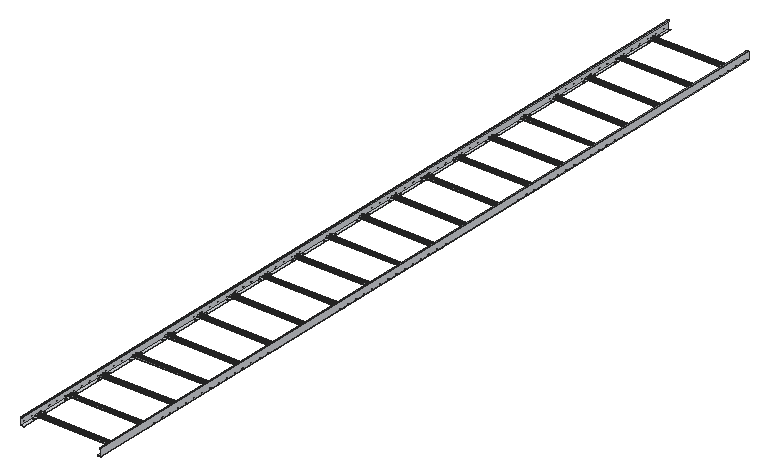
Revit family "Kabelleiter,Sprosse gelocht, geschweißt-LCIS 660 6 FS,FT,A2,A4", category Generic Models, Revit 2017 (continued)
Forms (mm)
  Extrusion 190, void
    sketch origin (0, 3300, 0) x (1, 0, 0) y (0, 1, 0)
      loop
        arc (-94.5, 157.475) -> (-94.646, 157.828) -> (-95, 157.975) r 0.5
        line (-95, 157.975) -> (-105, 157.975)
      loop
        arc (-83, 157.975) -> (-83.354, 157.828) -> (-83.5, 157.475) r 0.5
        line (-83.5, 157.475) -> (-83.5, 142.515)
        arc (-83.5, 142.515) -> (-83.354, 142.162) -> (-83, 142.015) r 0.5
        line (-83, 142.015) -> (-77, 142.015)
        arc (-77, 142.015) -> (-76.646, 142.162) -> (-76.5, 142.515) r 0.5
        line (-76.5, 142.515) -> (-76.5, 157.475)
        arc (-76.5, 157.475) -> (-76.646, 157.828) -> (-77, 157.975) r 0.5
        line (-77, 157.975) -> (-83, 157.975)
      loop
        arc (-65, 157.975) -> (-65.354, 157.828) -> (-65.5, 157.475) r 0.5
        line (-65.5, 157.475) -> (-65.5, 142.515)
        arc (-65.5, 142.515) -> (-65.354, 142.162) -> (-65, 142.015) r 0.5
        line (-65, 142.015) -> (-55, 142.015)
        arc (-55, 142.015) -> (-54.646, 142.162) -> (-54.5, 142.515) r 0.5
        line (-54.5, 142.515) -> (-54.5, 157.475)
        arc (-54.5, 157.475) -> (-54.646, 157.828) -> (-55, 157.975) r 0.5
        line (-55, 157.975) -> (-65, 157.975)
      loop
        arc (-45, 157.975) -> (-45.354, 157.828) -> (-45.5, 157.475) r 0.5
        line (-45.5, 157.475) -> (-45.5, 142.515)
        arc (-45.5, 142.515) -> (-45.354, 142.162) -> (-45, 142.015) r 0.5
        line (-45, 142.015) -> (-35, 142.015)
        arc (-35, 142.015) -> (-34.646, 142.162) -> (-34.5, 142.515) r 0.5
        line (-34.5, 142.515) -> (-34.5, 157.475)
        arc (-34.5, 157.475) -> (-34.646, 157.828) -> (-35, 157.975) r 0.5
        line (-35, 157.975) -> (-45, 157.975)
      loop
        arc (-23, 157.975) -> (-23.354, 157.828) -> (-23.5, 157.475) r 0.5
        line (-23.5, 157.475) -> (-23.5, 142.515)
        arc (-23.5, 142.515) -> (-23.354, 142.162) -> (-23, 142.015) r 0.5
        line (-23, 142.015) -> (-17, 142.015)
        arc (-17, 142.015) -> (-16.646, 142.162) -> (-16.5, 142.515) r 0.5
        line (-16.5, 142.515) -> (-16.5, 157.475)
        arc (-16.5, 157.475) -> (-16.646, 157.828) -> (-17, 157.975) r 0.5
        line (-17, 157.975) -> (-23, 157.975)
      loop
        arc (-5, 157.975) -> (-5.354, 157.828) -> (-5.5, 157.475) r 0.5
        line (-5.5, 157.475) -> (-5.5, 142.515)
        arc (-5.5, 142.515) -> (-5.354, 142.162) -> (-5, 142.015) r 0.5
        line (-5, 142.015) -> (5, 142.015)
        arc (5, 142.015) -> (5.354, 142.162) -> (5.5, 142.515) r 0.5
        line (5.5, 142.515) -> (5.5, 157.475)
        arc (5.5, 157.475) -> (5.354, 157.828) -> (5, 157.975) r 0.5
        line (5, 157.975) -> (-5, 157.975)
      loop
        arc (17.02, 157.975) -> (16.666, 157.828) -> (16.52, 157.475) r 0.5
        line (16.52, 157.475) -> (16.52, 142.515)
        arc (16.52, 142.515) -> (16.666, 142.162) -> (17.02, 142.015) r 0.5
        line (17.02, 142.015) -> (23.02, 142.015)
        arc (23.02, 142.015) -> (23.373, 142.162) -> (23.52, 142.515) r 0.5
        line (23.52, 142.515) -> (23.52, 157.475)
        arc (23.52, 157.475) -> (23.373, 157.828) -> (23.02, 157.975) r 0.5
        line (23.02, 157.975) -> (17.02, 157.975)
      loop
        arc (35, 157.975) -> (34.646, 157.828) -> (34.5, 157.475) r 0.5
        line (34.5, 157.475) -> (34.5, 142.515)
        arc (34.5, 142.515) -> (34.646, 142.162) -> (35, 142.015) r 0.5
        line (35, 142.015) -> (45, 142.015)
        arc (45, 142.015) -> (45.354, 142.162) -> (45.5, 142.515) r 0.5
        line (45.5, 142.515) -> (45.5, 157.475)
        arc (45.5, 157.475) -> (45.354, 157.828) -> (45, 157.975) r 0.5
        line (45, 157.975) -> (35, 157.975)
      loop
        arc (55, 157.975) -> (54.646, 157.828) -> (54.5, 157.475) r 0.5
        line (54.5, 157.475) -> (54.5, 142.515)
        arc (54.5, 142.515) -> (54.646, 142.162) -> (55, 142.015) r 0.5
        line (55, 142.015) -> (65, 142.015)
        arc (65, 142.015) -> (65.354, 142.162) -> (65.5, 142.515) r 0.5
        line (65.5, 142.515) -> (65.5, 157.475)
        arc (65.5, 157.475) -> (65.354, 157.828) -> (65, 157.975) r 0.5
        line (65, 157.975) -> (55, 157.975)
      loop
        arc (77, 157.975) -> (76.646, 157.828) -> (76.5, 157.475) r 0.5
        line (76.5, 157.475) -> (76.5, 142.515)
        arc (76.5, 142.515) -> (76.646, 142.162) -> (77, 142.015) r 0.5
        line (77, 142.015) -> (83, 142.015)
        arc (83, 142.015) -> (83.354, 142.162) -> (83.5, 142.515) r 0.5
        line (83.5, 142.515) -> (83.5, 157.475)
        arc (83.5, 157.475) -> (83.354, 157.828) -> (83, 157.975) r 0.5
        line (83, 157.975) -> (77, 157.975)
      loop
        arc (95, 157.975) -> (94.646, 157.828) -> (94.5, 157.475) r 0.5
        line (94.5, 157.475) -> (94.5, 142.515)
        arc (94.5, 142.515) -> (94.646, 142.162) -> (95, 142.015) r 0.5
        line (95, 142.015) -> (105, 142.015)
        arc (105, 142.015) -> (105.354, 142.162) -> (105.5, 142.515) r 0.5
        line (105.5, 142.515) -> (105.5, 157.475)
        arc (105.5, 157.475) -> (105.354, 157.828) -> (105, 157.975) r 0.5
        line (105, 157.975) -> (95, 157.975)
      loop
        arc (117, 157.975) -> (116.646, 157.828) -> (116.5, 157.475) r 0.5
        line (116.5, 157.475) -> (116.5, 142.515)
        arc (116.5, 142.515) -> (116.646, 142.162) -> (117, 142.015) r 0.5
        line (117, 142.015) -> (123, 142.015)
        arc (123, 142.015) -> (123.354, 142.162) -> (123.5, 142.515) r 0.5
        line (123.5, 142.515) -> (123.5, 157.475)
        arc (123.5, 157.475) -> (123.354, 157.828) -> (123, 157.975) r 0.5
        line (123, 157.975) -> (117, 157.975)
      loop
        arc (135, 157.975) -> (134.646, 157.828) -> (134.5, 157.475) r 0.5
        line (134.5, 157.475) -> (134.5, 142.545)
        arc (134.5, 142.545) -> (134.655, 142.17) -> (135.03, 142.015) r 0.53
        line (135.03, 142.015) -> (145, 142.015)
        arc (145, 142.015) -> (145.354, 142.162) -> (145.5, 142.515) r 0.5
        line (145.5, 142.515) -> (145.5, 157.475)
        arc (145.5, 157.475) -> (145.354, 157.828) -> (145, 157.975) r 0.5
        line (145, 157.975) -> (135, 157.975)
      loop
        arc (255.5, 148.475) -> (260, 143.975) -> (264.5, 148.475) r 4.5
        line (264.5, 148.475) -> (264.5, 151.475)
        arc (264.5, 151.475) -> (260, 155.975) -> (255.5, 151.475) r 4.5
        line (255.5, 151.475) -> (255.5, 148.475)
      loop
        arc (234.5, 142.515) -> (234.646, 142.162) -> (235, 142.015) r 0.5
        line (235, 142.015) -> (245, 142.015)
        arc (245, 142.015) -> (245.354, 142.162) -> (245.5, 142.515) r 0.5
        line (245.5, 142.515) -> (245.5, 157.475)
        arc (245.5, 157.475) -> (245.354, 157.828) -> (245, 157.975) r 0.5
        line (245, 157.975) -> (235, 157.975)
        arc (235, 157.975) -> (234.646, 157.828) -> (234.5, 157.475) r 0.5
        line (234.5, 157.475) -> (234.5, 142.515)
      loop
        arc (217, 157.975) -> (216.646, 157.828) -> (216.5, 157.475) r 0.5
        line (216.5, 157.475) -> (216.5, 142.529)
        arc (216.5, 142.529) -> (216.65, 142.166) -> (217.013, 142.015) r 0.513
        line (217.013, 142.015) -> (223, 142.015)
        arc (223, 142.015) -> (223.354, 142.162) -> (223.5, 142.515) r 0.5
        line (223.5, 142.515) -> (223.5, 157.475)
        arc (223.5, 157.475) -> (223.354, 157.828) -> (223, 157.975) r 0.5
        line (223, 157.975) -> (217, 157.975)
      loop
        arc (195, 157.975) -> (194.646, 157.828) -> (194.5, 157.475) r 0.5
        line (194.5, 157.475) -> (194.5, 142.515)
        arc (194.5, 142.515) -> (194.646, 142.162) -> (195, 142.015) r 0.5
        line (195, 142.015) -> (205, 142.015)
        arc (205, 142.015) -> (205.354, 142.162) -> (205.5, 142.515) r 0.5
        line (205.5, 142.515) -> (205.5, 157.475)
        arc (205.5, 157.475) -> (205.354, 157.828) -> (205, 157.975) r 0.5
        line (205, 157.975) -> (195, 157.975)
      loop
        arc (177, 157.975) -> (176.646, 157.828) -> (176.5, 157.475) r 0.5
        line (176.5, 157.475) -> (176.5, 142.515)
        arc (176.5, 142.515) -> (176.646, 142.162) -> (177, 142.015) r 0.5
        line (177, 142.015) -> (183, 142.015)
        arc (183, 142.015) -> (183.354, 142.162) -> (183.5, 142.515) r 0.5
        line (183.5, 142.515) -> (183.5, 157.475)
        arc (183.5, 157.475) -> (183.354, 157.828) -> (183, 157.975) r 0.5
        line (183, 157.975) -> (177, 157.975)
      loop
        arc (155, 157.975) -> (154.646, 157.828) -> (154.5, 157.475) r 0.5
        line (154.5, 157.475) -> (154.5, 142.015)
        arc (154.5, 142.015) -> (154.646, 141.662) -> (155, 141.515) r 0.5
        line (155, 141.515) -> (165, 141.515)
        arc (165, 141.515) -> (165.354, 141.662) -> (165.5, 142.015) r 0.5
        line (165.5, 142.015) -> (165.5, 157.475)
        arc (165.5, 157.475) -> (165.354, 157.828) -> (165, 157.975) r 0.5
        line (165, 157.975) -> (155, 157.975)
    from 1.441 to 2.93
  Extrusion 191, solid, material "Stainless steel, A4" <- "Material"
    sketch origin (0, 3600, 0) x (0, 1, 0) y (0, 0, 1)
      loop
        line (141.515, 14) -> (135.3, 14)
        arc (135.3, 14) -> (133.32, 13.18) -> (132.5, 11.2) r 2.8
        line (132.5, 11.2) -> (132.5, 4.23)
        arc (132.5, 4.23) -> (133.32, 2.25) -> (135.3, 1.43) r 2.8
        line (135.3, 1.43) -> (157.968, 1.43) -> (164.7, 1.43)
        arc (164.7, 1.43) -> (166.68, 2.25) -> (167.5, 4.23) r 2.8
        line (167.5, 4.23) -> (167.5, 11.2)
        arc (167.5, 11.2) -> (166.68, 13.18) -> (164.7, 14) r 2.8
        line (164.7, 14) -> (158.475, 14) -> (158.475, 12.5) -> (164.5, 12.5)
        arc (164.5, 12.5) -> (165.561, 12.061) -> (166, 11) r 1.5
        line (166, 11) -> (166, 4.43)
        arc (166, 4.43) -> (165.561, 3.37) -> (164.5, 2.93) r 1.5
        line (164.5, 2.93) -> (157.968, 2.93) -> (135.5, 2.93)
        arc (135.5, 2.93) -> (134.439, 3.37) -> (134, 4.43) r 1.5
        line (134, 4.43) -> (134, 11)
        arc (134, 11) -> (134.439, 12.061) -> (135.5, 12.5) r 1.5
        line (135.5, 12.5) -> (141.515, 12.5) -> (141.515, 14)
    from -298.5 to 298.5
  Extrusion 192, void
    sketch origin (0, 3600, 0) x (1, 0, 0) y (0, 1, 0)
      loop
        arc (-264.5, 148.475) -> (-260, 143.975) -> (-255.5, 148.475) r 4.5
        line (-255.5, 148.475) -> (-255.5, 151.475)
        arc (-255.5, 151.475) -> (-260, 155.975) -> (-264.5, 151.475) r 4.5
        line (-264.5, 151.475) -> (-264.5, 148.475)
      loop
        arc (-244, 157.975) -> (-244.354, 157.828) -> (-244.5, 157.475) r 0.5
        line (-244.5, 157.475) -> (-244.5, 142.515)
        arc (-244.5, 142.515) -> (-244.354, 142.162) -> (-244, 142.015) r 0.5
        line (-244, 142.015) -> (-236, 142.015)
        arc (-236, 142.015) -> (-235.646, 142.162) -> (-235.5, 142.515) r 0.5
        line (-235.5, 142.515) -> (-235.5, 157.446)
        arc (-235.5, 157.446) -> (-235.655, 157.82) -> (-236.029, 157.975) r 0.529
        line (-236.029, 157.975) -> (-244, 157.975)
      loop
        arc (-222.967, 157.975) -> (-223.321, 157.828) -> (-223.467, 157.475) r 0.5
        line (-223.467, 157.475) -> (-223.467, 142.515)
        arc (-223.467, 142.515) -> (-223.321, 142.162) -> (-222.967, 142.015) r 0.5
        line (-222.967, 142.015) -> (-216.967, 142.015)
        arc (-216.967, 142.015) -> (-216.614, 142.162) -> (-216.467, 142.515) r 0.5
        line (-216.467, 142.515) -> (-216.467, 157.475)
        arc (-216.467, 157.475) -> (-216.614, 157.828) -> (-216.967, 157.975) r 0.5
        line (-216.967, 157.975) -> (-222.967, 157.975)
      loop
        arc (-205, 157.975) -> (-205.354, 157.828) -> (-205.5, 157.475) r 0.5
        line (-205.5, 157.475) -> (-205.5, 142.515)
        arc (-205.5, 142.515) -> (-205.354, 142.162) -> (-205, 142.015) r 0.5
        line (-205, 142.015) -> (-195, 142.015)
        arc (-195, 142.015) -> (-194.646, 142.162) -> (-194.5, 142.515) r 0.5
        line (-194.5, 142.515) -> (-194.5, 157.475)
        arc (-194.5, 157.475) -> (-194.646, 157.828) -> (-195, 157.975) r 0.5
        line (-195, 157.975) -> (-205, 157.975)
      loop
        arc (-183, 157.975) -> (-183.354, 157.828) -> (-183.5, 157.475) r 0.5
        line (-183.5, 157.475) -> (-183.5, 142.515)
        arc (-183.5, 142.515) -> (-183.354, 142.162) -> (-183, 142.015) r 0.5
        line (-183, 142.015) -> (-177, 142.015)
        arc (-177, 142.015) -> (-176.646, 142.162) -> (-176.5, 142.515) r 0.5
        line (-176.5, 142.515) -> (-176.5, 157.475)
        arc (-176.5, 157.475) -> (-176.646, 157.828) -> (-177, 157.975) r 0.5
        line (-177, 157.975) -> (-183, 157.975)
      loop
        arc (-165, 157.975) -> (-165.354, 157.828) -> (-165.5, 157.475) r 0.5
        line (-165.5, 157.475) -> (-165.5, 142.515)
        arc (-165.5, 142.515) -> (-165.354, 142.162) -> (-165, 142.015) r 0.5
        line (-165, 142.015) -> (-155, 142.015)
        arc (-155, 142.015) -> (-154.646, 142.162) -> (-154.5, 142.515) r 0.5
        line (-154.5, 142.515) -> (-154.5, 157.475)
        arc (-154.5, 157.475) -> (-154.646, 157.828) -> (-155, 157.975) r 0.5
        line (-155, 157.975) -> (-165, 157.975)
      loop
        arc (-145, 157.975) -> (-145.354, 157.828) -> (-145.5, 157.475) r 0.5
        line (-145.5, 157.475) -> (-145.5, 142.515)
        arc (-145.5, 142.515) -> (-145.354, 142.162) -> (-145, 142.015) r 0.5
        line (-145, 142.015) -> (-135, 142.015)
        arc (-135, 142.015) -> (-134.646, 142.162) -> (-134.5, 142.515) r 0.5
        line (-134.5, 142.515) -> (-134.5, 157.475)
        arc (-134.5, 157.475) -> (-134.646, 157.828) -> (-135, 157.975) r 0.5
        line (-135, 157.975) -> (-145, 157.975)
      loop
        arc (-122.979, 157.975) -> (-123.333, 157.828) -> (-123.479, 157.475) r 0.5
        line (-123.479, 157.475) -> (-123.479, 142.515)
        arc (-123.479, 142.515) -> (-123.333, 142.162) -> (-122.979, 142.015) r 0.5
        line (-122.979, 142.015) -> (-116.979, 142.015)
        arc (-116.979, 142.015) -> (-116.626, 142.162) -> (-116.479, 142.515) r 0.5
        line (-116.479, 142.515) -> (-116.479, 157.475)
        arc (-116.479, 157.475) -> (-116.626, 157.828) -> (-116.979, 157.975) r 0.5
        line (-116.979, 157.975) -> (-122.979, 157.975)
      loop
        arc (-105, 157.975) -> (-105.354, 157.828) -> (-105.5, 157.475) r 0.5
        line (-105.5, 157.475) -> (-105.5, 142.515)
        arc (-105.5, 142.515) -> (-105.354, 142.162) -> (-105, 142.015) r 0.5
        line (-105, 142.015) -> (-95, 142.015)
        arc (-95, 142.015) -> (-94.646, 142.162) -> (-94.5, 142.515) r 0.5
        line (-94.5, 142.515) -> (-94.5, 157.475)
        arc (-94.5, 157.475) -> (-94.646, 157.828) -> (-95, 157.975) r 0.5
        line (-95, 157.975) -> (-105, 157.975)
      loop
        arc (-83, 157.975) -> (-83.354, 157.828) -> (-83.5, 157.475) r 0.5
        line (-83.5, 157.475) -> (-83.5, 142.515)
        arc (-83.5, 142.515) -> (-83.354, 142.162) -> (-83, 142.015) r 0.5
        line (-83, 142.015) -> (-77, 142.015)
        arc (-77, 142.015) -> (-76.646, 142.162) -> (-76.5, 142.515) r 0.5
        line (-76.5, 142.515) -> (-76.5, 157.475)
        arc (-76.5, 157.475) -> (-76.646, 157.828) -> (-77, 157.975) r 0.5
        line (-77, 157.975) -> (-83, 157.975)
      loop
        arc (-65, 157.975) -> (-65.354, 157.828) -> (-65.5, 157.475) r 0.5
        line (-65.5, 157.475) -> (-65.5, 142.515)
        arc (-65.5, 142.515) -> (-65.354, 142.162) -> (-65, 142.015) r 0.5
        line (-65, 142.015) -> (-55, 142.015)
        arc (-55, 142.015) -> (-54.646, 142.162) -> (-54.5, 142.515) r 0.5
        line (-54.5, 142.515) -> (-54.5, 157.475)
        arc (-54.5, 157.475) -> (-54.646, 157.828) -> (-55, 157.975) r 0.5
        line (-55, 157.975) -> (-65, 157.975)
      loop
        arc (-45, 157.975) -> (-45.354, 157.828) -> (-45.5, 157.475) r 0.5
        line (-45.5, 157.475) -> (-45.5, 142.515)
        arc (-45.5, 142.515) -> (-45.354, 142.162) -> (-45, 142.015) r 0.5
        line (-45, 142.015) -> (-35, 142.015)
        arc (-35, 142.015) -> (-34.646, 142.162) -> (-34.5, 142.515) r 0.5
        line (-34.5, 142.515) -> (-34.5, 157.475)
        arc (-34.5, 157.475) -> (-34.646, 157.828) -> (-35, 157.975) r 0.5
        line (-35, 157.975) -> (-45, 157.975)
      loop
        arc (-23, 157.975) -> (-23.354, 157.828) -> (-23.5, 157.475) r 0.5
        line (-23.5, 157.475) -> (-23.5, 142.515)
        arc (-23.5, 142.515) -> (-23.354, 142.162) -> (-23, 142.015) r 0.5
        line (-23, 142.015) -> (-17, 142.015)
        arc (-17, 142.015) -> (-16.646, 142.162) -> (-16.5, 142.515) r 0.5
        line (-16.5, 142.515) -> (-16.5, 157.475)
        arc (-16.5, 157.475) -> (-16.646, 157.828) -> (-17, 157.975) r 0.5
        line (-17, 157.975) -> (-23, 157.975)
      loop
        arc (-5, 157.975) -> (-5.354, 157.828) -> (-5.5, 157.475) r 0.5
        line (-5.5, 157.475) -> (-5.5, 142.515)
        arc (-5.5, 142.515) -> (-5.354, 142.162) -> (-5, 142.015) r 0.5
        line (-5, 142.015) -> (5, 142.015)
        arc (5, 142.015) -> (5.354, 142.162) -> (5.5, 142.515) r 0.5
        line (5.5, 142.515) -> (5.5, 157.475)
        arc (5.5, 157.475) -> (5.354, 157.828) -> (5, 157.975) r 0.5
        line (5, 157.975) -> (-5, 157.975)
      loop
        arc (17.02, 157.975) -> (16.666, 157.828) -> (16.52, 157.475) r 0.5
        line (16.52, 157.475) -> (16.52, 142.515)
        arc (16.52, 142.515) -> (16.666, 142.162) -> (17.02, 142.015) r 0.5
        line (17.02, 142.015) -> (23.02, 142.015)
        arc (23.02, 142.015) -> (23.373, 142.162) -> (23.52, 142.515) r 0.5
        line (23.52, 142.515) -> (23.52, 157.475)
        arc (23.52, 157.475) -> (23.373, 157.828) -> (23.02, 157.975) r 0.5
        line (23.02, 157.975) -> (17.02, 157.975)
      loop
        arc (35, 157.975) -> (34.646, 157.828) -> (34.5, 157.475) r 0.5
        line (34.5, 157.475) -> (34.5, 142.515)
        arc (34.5, 142.515) -> (34.646, 142.162) -> (35, 142.015) r 0.5
        line (35, 142.015) -> (45, 142.015)
        arc (45, 142.015) -> (45.354, 142.162) -> (45.5, 142.515) r 0.5
        line (45.5, 142.515) -> (45.5, 157.475)
        arc (45.5, 157.475) -> (45.354, 157.828) -> (45, 157.975) r 0.5
        line (45, 157.975) -> (35, 157.975)
      loop
        arc (55, 157.975) -> (54.646, 157.828) -> (54.5, 157.475) r 0.5
        line (54.5, 157.475) -> (54.5, 142.515)
        arc (54.5, 142.515) -> (54.646, 142.162) -> (55, 142.015) r 0.5
        line (55, 142.015) -> (65, 142.015)
        arc (65, 142.015) -> (65.354, 142.162) -> (65.5, 142.515) r 0.5
        line (65.5, 142.515) -> (65.5, 157.475)
        arc (65.5, 157.475) -> (65.354, 157.828) -> (65, 157.975) r 0.5
        line (65, 157.975) -> (55, 157.975)
      loop
        arc (77, 157.975) -> (76.646, 157.828) -> (76.5, 157.475) r 0.5
        line (76.5, 157.475) -> (76.5, 142.515)
        arc (76.5, 142.515) -> (76.646, 142.162) -> (77, 142.015) r 0.5
        line (77, 142.015) -> (83, 142.015)
        arc (83, 142.015) -> (83.354, 142.162) -> (83.5, 142.515) r 0.5
        line (83.5, 142.515) -> (83.5, 157.475)
        arc (83.5, 157.475) -> (83.354, 157.828) -> (83, 157.975) r 0.5
        line (83, 157.975) -> (77, 157.975)
      loop
        arc (95, 157.975) -> (94.646, 157.828) -> (94.5, 157.475) r 0.5
        line (94.5, 157.475) -> (94.5, 142.515)
        arc (94.5, 142.515) -> (94.646, 142.162) -> (95, 142.015) r 0.5
        line (95, 142.015) -> (105, 142.015)
        arc (105, 142.015) -> (105.354, 142.162) -> (105.5, 142.515) r 0.5
        line (105.5, 142.515) -> (105.5, 157.475)
        arc (105.5, 157.475) -> (105.354, 157.828) -> (105, 157.975) r 0.5
        line (105, 157.975) -> (95, 157.975)
      loop
        arc (117, 157.975) -> (116.646, 157.828) -> (116.5, 157.475) r 0.5
        line (116.5, 157.475) -> (116.5, 142.515)
        arc (116.5, 142.515) -> (116.646, 142.162) -> (117, 142.015) r 0.5
        line (117, 142.015) -> (123, 142.015)
        arc (123, 142.015) -> (123.354, 142.162) -> (123.5, 142.515) r 0.5
        line (123.5, 142.515) -> (123.5, 157.475)
        arc (123.5, 157.475) -> (123.354, 157.828) -> (123, 157.975) r 0.5
        line (123, 157.975) -> (117, 157.975)
      loop
        arc (135, 157.975) -> (134.646, 157.828) -> (134.5, 157.475) r 0.5
        line (134.5, 157.475) -> (134.5, 142.545)
        arc (134.5, 142.545) -> (134.655, 142.17) -> (135.03, 142.015) r 0.53
        line (135.03, 142.015) -> (145, 142.015)
        arc (145, 142.015) -> (145.354, 142.162) -> (145.5, 142.515) r 0.5
        line (145.5, 142.515) -> (145.5, 157.475)
        arc (145.5, 157.475) -> (145.354, 157.828) -> (145, 157.975) r 0.5
        line (145, 157.975) -> (135, 157.975)
      loop
        arc (255.5, 148.475) -> (260, 143.975) -> (264.5, 148.475) r 4.5
        line (264.5, 148.475) -> (264.5, 151.475)
        arc (264.5, 151.475) -> (260, 155.975) -> (255.5, 151.475) r 4.5
        line (255.5, 151.475) -> (255.5, 148.475)
      loop
        arc (234.5, 142.515) -> (234.646, 142.162) -> (235, 142.015) r 0.5
        line (235, 142.015) -> (245, 142.015)
        arc (245, 142.015) -> (245.354, 142.162) -> (245.5, 142.515) r 0.5
        line (245.5, 142.515) -> (245.5, 157.475)
        arc (245.5, 157.475) -> (245.354, 157.828) -> (245, 157.975) r 0.5
        line (245, 157.975) -> (235, 157.975)
        arc (235, 157.975) -> (234.646, 157.828) -> (234.5, 157.475) r 0.5
        line (234.5, 157.475) -> (234.5, 142.515)
      loop
        arc (217, 157.975) -> (216.646, 157.828) -> (216.5, 157.475) r 0.5
        line (216.5, 157.475) -> (216.5, 142.529)
        arc (216.5, 142.529) -> (216.65, 142.166) -> (217.013, 142.015) r 0.513
        line (217.013, 142.015) -> (223, 142.015)
        arc (223, 142.015) -> (223.354, 142.162) -> (223.5, 142.515) r 0.5
        line (223.5, 142.515) -> (223.5, 157.475)
        arc (223.5, 157.475) -> (223.354, 157.828) -> (223, 157.975) r 0.5
        line (223, 157.975) -> (217, 157.975)
      loop
        arc (195, 157.975) -> (194.646, 157.828) -> (194.5, 157.475) r 0.5
        line (194.5, 157.475) -> (194.5, 142.515)
        arc (194.5, 142.515) -> (194.646, 142.162) -> (195, 142.015) r 0.5
        line (195, 142.015) -> (205, 142.015)
        arc (205, 142.015) -> (205.354, 142.162) -> (205.5, 142.515) r 0.5
        line (205.5, 142.515) -> (205.5, 157.475)
        arc (205.5, 157.475) -> (205.354, 157.828) -> (205, 157.975) r 0.5
        line (205, 157.975) -> (195, 157.975)
      loop
        arc (177, 157.975) -> (176.646, 157.828) -> (176.5, 157.475) r 0.5
        line (176.5, 157.475) -> (176.5, 142.515)
        arc (176.5, 142.515) -> (176.646, 142.162) -> (177, 142.015) r 0.5
        line (177, 142.015) -> (183, 142.015)
        arc (183, 142.015) -> (183.354, 142.162) -> (183.5, 142.515) r 0.5
        line (183.5, 142.515) -> (183.5, 157.475)
        arc (183.5, 157.475) -> (183.354, 157.828) -> (183, 157.975) r 0.5
        line (183, 157.975) -> (177, 157.975)
      loop
        arc (155, 157.975) -> (154.646, 157.828) -> (154.5, 157.475) r 0.5
        line (154.5, 157.475) -> (154.5, 142.015)
        arc (154.5, 142.015) -> (154.646, 141.662) -> (155, 141.515) r 0.5
        line (155, 141.515) -> (165, 141.515)
        arc (165, 141.515) -> (165.354, 141.662) -> (165.5, 142.015) r 0.5
        line (165.5, 142.015) -> (165.5, 157.475)
        arc (165.5, 157.475) -> (165.354, 157.828) -> (165, 157.975) r 0.5
        line (165, 157.975) -> (155, 157.975)
    from 1.441 to 2.93
  Extrusion 193, solid, material "Stainless steel, A4" <- "Material"
    sketch origin (0, 3900, 0) x (0, 1, 0) y (0, 0, 1)
      loop
        line (141.515, 14) -> (135.3, 14)
        arc (135.3, 14) -> (133.32, 13.18) -> (132.5, 11.2) r 2.8
        line (132.5, 11.2) -> (132.5, 4.23)
        arc (132.5, 4.23) -> (133.32, 2.25) -> (135.3, 1.43) r 2.8
        line (135.3, 1.43) -> (157.968, 1.43) -> (164.7, 1.43)
        arc (164.7, 1.43) -> (166.68, 2.25) -> (167.5, 4.23) r 2.8
        line (167.5, 4.23) -> (167.5, 11.2)
        arc (167.5, 11.2) -> (166.68, 13.18) -> (164.7, 14) r 2.8
        line (164.7, 14) -> (158.475, 14) -> (158.475, 12.5) -> (164.5, 12.5)
        arc (164.5, 12.5) -> (165.561, 12.061) -> (166, 11) r 1.5
        line (166, 11) -> (166, 4.43)
        arc (166, 4.43) -> (165.561, 3.37) -> (164.5, 2.93) r 1.5
        line (164.5, 2.93) -> (157.968, 2.93) -> (135.5, 2.93)
        arc (135.5, 2.93) -> (134.439, 3.37) -> (134, 4.43) r 1.5
        line (134, 4.43) -> (134, 11)
        arc (134, 11) -> (134.439, 12.061) -> (135.5, 12.5) r 1.5
        line (135.5, 12.5) -> (141.515, 12.5) -> (141.515, 14)
    from -298.5 to 298.5
  Extrusion 194, void
    sketch origin (0, 3900, 0) x (1, 0, 0) y (0, 1, 0)
      loop
        arc (-264.5, 148.475) -> (-260, 143.975) -> (-255.5, 148.475) r 4.5
        line (-255.5, 148.475) -> (-255.5, 151.475)
        arc (-255.5, 151.475) -> (-260, 155.975) -> (-264.5, 151.475) r 4.5
        line (-264.5, 151.475) -> (-264.5, 148.475)
      loop
        arc (-244, 157.975) -> (-244.354, 157.828) -> (-244.5, 157.475) r 0.5
        line (-244.5, 157.475) -> (-244.5, 142.515)
        arc (-244.5, 142.515) -> (-244.354, 142.162) -> (-244, 142.015) r 0.5
        line (-244, 142.015) -> (-236, 142.015)
        arc (-236, 142.015) -> (-235.646, 142.162) -> (-235.5, 142.515) r 0.5
        line (-235.5, 142.515) -> (-235.5, 157.446)
        arc (-235.5, 157.446) -> (-235.655, 157.82) -> (-236.029, 157.975) r 0.529
        line (-236.029, 157.975) -> (-244, 157.975)
      loop
        arc (-222.967, 157.975) -> (-223.321, 157.828) -> (-223.467, 157.475) r 0.5
        line (-223.467, 157.475) -> (-223.467, 142.515)
        arc (-223.467, 142.515) -> (-223.321, 142.162) -> (-222.967, 142.015) r 0.5
        line (-222.967, 142.015) -> (-216.967, 142.015)
        arc (-216.967, 142.015) -> (-216.614, 142.162) -> (-216.467, 142.515) r 0.5
        line (-216.467, 142.515) -> (-216.467, 157.475)
        arc (-216.467, 157.475) -> (-216.614, 157.828) -> (-216.967, 157.975) r 0.5
        line (-216.967, 157.975) -> (-222.967, 157.975)
      loop
        arc (-205, 157.975) -> (-205.354, 157.828) -> (-205.5, 157.475) r 0.5
        line (-205.5, 157.475) -> (-205.5, 142.515)
        arc (-205.5, 142.515) -> (-205.354, 142.162) -> (-205, 142.015) r 0.5
        line (-205, 142.015) -> (-195, 142.015)
        arc (-195, 142.015) -> (-194.646, 142.162) -> (-194.5, 142.515) r 0.5
        line (-194.5, 142.515) -> (-194.5, 157.475)
        arc (-194.5, 157.475) -> (-194.646, 157.828) -> (-195, 157.975) r 0.5
        line (-195, 157.975) -> (-205, 157.975)
      loop
        arc (-183, 157.975) -> (-183.354, 157.828) -> (-183.5, 157.475) r 0.5
        line (-183.5, 157.475) -> (-183.5, 142.515)
        arc (-183.5, 142.515) -> (-183.354, 142.162) -> (-183, 142.015) r 0.5
        line (-183, 142.015) -> (-177, 142.015)
        arc (-177, 142.015) -> (-176.646, 142.162) -> (-176.5, 142.515) r 0.5
        line (-176.5, 142.515) -> (-176.5, 157.475)
        arc (-176.5, 157.475) -> (-176.646, 157.828) -> (-177, 157.975) r 0.5
        line (-177, 157.975) -> (-183, 157.975)
      loop
        arc (-165, 157.975) -> (-165.354, 157.828) -> (-165.5, 157.475) r 0.5
        line (-165.5, 157.475) -> (-165.5, 142.515)
        arc (-165.5, 142.515) -> (-165.354, 142.162) -> (-165, 142.015) r 0.5
        line (-165, 142.015) -> (-155, 142.015)
        arc (-155, 142.015) -> (-154.646, 142.162) -> (-154.5, 142.515) r 0.5
        line (-154.5, 142.515) -> (-154.5, 157.475)
        arc (-154.5, 157.475) -> (-154.646, 157.828) -> (-155, 157.975) r 0.5
        line (-155, 157.975) -> (-165, 157.975)
      loop
        arc (-145, 157.975) -> (-145.354, 157.828) -> (-145.5, 157.475) r 0.5
        line (-145.5, 157.475) -> (-145.5, 142.515)
        arc (-145.5, 142.515) -> (-145.354, 142.162) -> (-145, 142.015) r 0.5
        line (-145, 142.015) -> (-135, 142.015)
        arc (-135, 142.015) -> (-134.646, 142.162) -> (-134.5, 142.515) r 0.5
        line (-134.5, 142.515) -> (-134.5, 157.475)
        arc (-134.5, 157.475) -> (-134.646, 157.828) -> (-135, 157.975) r 0.5
        line (-135, 157.975) -> (-145, 157.975)
      loop
        arc (-122.979, 157.975) -> (-123.333, 157.828) -> (-123.479, 157.475) r 0.5
        line (-123.479, 157.475) -> (-123.479, 142.515)
        arc (-123.479, 142.515) -> (-123.333, 142.162) -> (-122.979, 142.015) r 0.5
        line (-122.979, 142.015) -> (-116.979, 142.015)
        arc (-116.979, 142.015) -> (-116.626, 142.162) -> (-116.479, 142.515) r 0.5
        line (-116.479, 142.515) -> (-116.479, 157.475)
        arc (-116.479, 157.475) -> (-116.626, 157.828) -> (-116.979, 157.975) r 0.5
        line (-116.979, 157.975) -> (-122.979, 157.975)
      loop
        arc (-105, 157.975) -> (-105.354, 157.828) -> (-105.5, 157.475) r 0.5
        line (-105.5, 157.475) -> (-105.5, 142.515)
        arc (-105.5, 142.515) -> (-105.354, 142.162) -> (-105, 142.015) r 0.5
        line (-105, 142.015) -> (-95, 142.015)
        arc (-95, 142.015) -> (-94.646, 142.162) -> (-94.5, 142.515) r 0.5
        line (-94.5, 142.515) -> (-94.5, 157.475)
        arc (-94.5, 157.475) -> (-94.646, 157.828) -> (-95, 157.975) r 0.5
        line (-95, 157.975) -> (-105, 157.975)
      loop
        arc (-83, 157.975) -> (-83.354, 157.828) -> (-83.5, 157.475) r 0.5
        line (-83.5, 157.475) -> (-83.5, 142.515)
        arc (-83.5, 142.515) -> (-83.354, 142.162) -> (-83, 142.015) r 0.5
        line (-83, 142.015) -> (-77, 142.015)
        arc (-77, 142.015) -> (-76.646, 142.162) -> (-76.5, 142.515) r 0.5
        line (-76.5, 142.515) -> (-76.5, 157.475)
        arc (-76.5, 157.475) -> (-76.646, 157.828) -> (-77, 157.975) r 0.5
        line (-77, 157.975) -> (-83, 157.975)
      loop
        arc (-65, 157.975) -> (-65.354, 157.828) -> (-65.5, 157.475) r 0.5
        line (-65.5, 157.475) -> (-65.5, 142.515)
        arc (-65.5, 142.515) -> (-65.354, 142.162) -> (-65, 142.015) r 0.5
        line (-65, 142.015) -> (-55, 142.015)
        arc (-55, 142.015) -> (-54.646, 142.162) -> (-54.5, 142.515) r 0.5
        line (-54.5, 142.515) -> (-54.5, 157.475)
        arc (-54.5, 157.475) -> (-54.646, 157.828) -> (-55, 157.975) r 0.5
        line (-55, 157.975) -> (-65, 157.975)
      loop
        arc (-45, 157.975) -> (-45.354, 157.828) -> (-45.5, 157.475) r 0.5
        line (-45.5, 157.475) -> (-45.5, 142.515)
        arc (-45.5, 142.515) -> (-45.354, 142.162) -> (-45, 142.015) r 0.5
        line (-45, 142.015) -> (-35, 142.015)
        arc (-35, 142.015) -> (-34.646, 142.162) -> (-34.5, 142.515) r 0.5
        line (-34.5, 142.515) -> (-34.5, 157.475)
        arc (-34.5, 157.475) -> (-34.646, 157.828) -> (-35, 157.975) r 0.5
        line (-35, 157.975) -> (-45, 157.975)
      loop
        arc (-23, 157.975) -> (-23.354, 157.828) -> (-23.5, 157.475) r 0.5
        line (-23.5, 157.475) -> (-23.5, 142.515)
        arc (-23.5, 142.515) -> (-23.354, 142.162) -> (-23, 142.015) r 0.5
        line (-23, 142.015) -> (-17, 142.015)
        arc (-17, 142.015) -> (-16.646, 142.162) -> (-16.5, 142.515) r 0.5
        line (-16.5, 142.515) -> (-16.5, 157.475)
        arc (-16.5, 157.475) -> (-16.646, 157.828) -> (-17, 157.975) r 0.5
        line (-17, 157.975) -> (-23, 157.975)
      loop
        arc (-5, 157.975) -> (-5.354, 157.828) -> (-5.5, 157.475) r 0.5
        line (-5.5, 157.475) -> (-5.5, 142.515)
        arc (-5.5, 142.515) -> (-5.354, 142.162) -> (-5, 142.015) r 0.5
        line (-5, 142.015) -> (5, 142.015)
        arc (5, 142.015) -> (5.354, 142.162) -> (5.5, 142.515) r 0.5
        line (5.5, 142.515) -> (5.5, 157.475)
        arc (5.5, 157.475) -> (5.354, 157.828) -> (5, 157.975) r 0.5
        line (5, 157.975) -> (-5, 157.975)
      loop
        arc (17.02, 157.975) -> (16.666, 157.828) -> (16.52, 157.475) r 0.5
        line (16.52, 157.475) -> (16.52, 142.515)
        arc (16.52, 142.515) -> (16.666, 142.162) -> (17.02, 142.015) r 0.5
        line (17.02, 142.015) -> (23.02, 142.015)
        arc (23.02, 142.015) -> (23.373, 142.162) -> (23.52, 142.515) r 0.5
        line (23.52, 142.515) -> (23.52, 157.475)
        arc (23.52, 157.475) -> (23.373, 157.828) -> (23.02, 157.975) r 0.5
        line (23.02, 157.975) -> (17.02, 157.975)
      loop
        arc (35, 157.975) -> (34.646, 157.828) -> (34.5, 157.475) r 0.5
        line (34.5, 157.475) -> (34.5, 142.515)
        arc (34.5, 142.515) -> (34.646, 142.162) -> (35, 142.015) r 0.5
        line (35, 142.015) -> (45, 142.015)
        arc (45, 142.015) -> (45.354, 142.162) -> (45.5, 142.515) r 0.5
        line (45.5, 142.515) -> (45.5, 157.475)
        arc (45.5, 157.475) -> (45.354, 157.828) -> (45, 157.975) r 0.5
        line (45, 157.975) -> (35, 157.975)
      loop
        arc (55, 157.975) -> (54.646, 157.828) -> (54.5, 157.475) r 0.5
        line (54.5, 157.475) -> (54.5, 142.515)
        arc (54.5, 142.515) -> (54.646, 142.162) -> (55, 142.015) r 0.5
        line (55, 142.015) -> (65, 142.015)
        arc (65, 142.015) -> (65.354, 142.162) -> (65.5, 142.515) r 0.5
        line (65.5, 142.515) -> (65.5, 157.475)
        arc (65.5, 157.475) -> (65.354, 157.828) -> (65, 157.975) r 0.5
        line (65, 157.975) -> (55, 157.975)
      loop
        arc (77, 157.975) -> (76.646, 157.828) -> (76.5, 157.475) r 0.5
        line (76.5, 157.475) -> (76.5, 142.515)
        arc (76.5, 142.515) -> (76.646, 142.162) -> (77, 142.015) r 0.5
        line (77, 142.015) -> (83, 142.015)
        arc (83, 142.015) -> (83.354, 142.162) -> (83.5, 142.515) r 0.5
        line (83.5, 142.515) -> (83.5, 157.475)
        arc (83.5, 157.475) -> (83.354, 157.828) -> (83, 157.975) r 0.5
        line (83, 157.975) -> (77, 157.975)
      loop
        arc (95, 157.975) -> (94.646, 157.828) -> (94.5, 157.475) r 0.5
        line (94.5, 157.475) -> (94.5, 142.515)
        arc (94.5, 142.515) -> (94.646, 142.162) -> (95, 142.015) r 0.5
        line (95, 142.015) -> (105, 142.015)
        arc (105, 142.015) -> (105.354, 142.162) -> (105.5, 142.515) r 0.5
        line (105.5, 142.515) -> (105.5, 157.475)
        arc (105.5, 157.475) -> (105.354, 157.828) -> (105, 157.975) r 0.5
        line (105, 157.975) -> (95, 157.975)
      loop
        arc (117, 157.975) -> (116.646, 157.828) -> (116.5, 157.475) r 0.5
        line (116.5, 157.475) -> (116.5, 142.515)
        arc (116.5, 142.515) -> (116.646, 142.162) -> (117, 142.015) r 0.5
        line (117, 142.015) -> (123, 142.015)
        arc (123, 142.015) -> (123.354, 142.162) -> (123.5, 142.515) r 0.5
        line (123.5, 142.515) -> (123.5, 157.475)
        arc (123.5, 157.475) -> (123.354, 157.828) -> (123, 157.975) r 0.5
        line (123, 157.975) -> (117, 157.975)
      loop
        arc (135, 157.975) -> (134.646, 157.828) -> (134.5, 157.475) r 0.5
        line (134.5, 157.475) -> (134.5, 142.545)
        arc (134.5, 142.545) -> (134.655, 142.17) -> (135.03, 142.015) r 0.53
        line (135.03, 142.015) -> (145, 142.015)
        arc (145, 142.015) -> (145.354, 142.162) -> (145.5, 142.515) r 0.5
        line (145.5, 142.515) -> (145.5, 157.475)
        arc (145.5, 157.475) -> (145.354, 157.828) -> (145, 157.975) r 0.5
        line (145, 157.975) -> (135, 157.975)
      loop
        arc (255.5, 148.475) -> (260, 143.975) -> (264.5, 148.475) r 4.5
        line (264.5, 148.475) -> (264.5, 151.475)
        arc (264.5, 151.475) -> (260, 155.975) -> (255.5, 151.475) r 4.5
        line (255.5, 151.475) -> (255.5, 148.475)
      loop
        arc (234.5, 142.515) -> (234.646, 142.162) -> (235, 142.015) r 0.5
        line (235, 142.015) -> (245, 142.015)
        arc (245, 142.015) -> (245.354, 142.162) -> (245.5, 142.515) r 0.5
        line (245.5, 142.515) -> (245.5, 157.475)
        arc (245.5, 157.475) -> (245.354, 157.828) -> (245, 157.975) r 0.5
        line (245, 157.975) -> (235, 157.975)
        arc (235, 157.975) -> (234.646, 157.828) -> (234.5, 157.475) r 0.5
        line (234.5, 157.475) -> (234.5, 142.515)
      loop
        arc (217, 157.975) -> (216.646, 157.828) -> (216.5, 157.475) r 0.5
        line (216.5, 157.475) -> (216.5, 142.529)
        arc (216.5, 142.529) -> (216.65, 142.166) -> (217.013, 142.015) r 0.513
        line (217.013, 142.015) -> (223, 142.015)
        arc (223, 142.015) -> (223.354, 142.162) -> (223.5, 142.515) r 0.5
        line (223.5, 142.515) -> (223.5, 157.475)
        arc (223.5, 157.475) -> (223.354, 157.828) -> (223, 157.975) r 0.5
        line (223, 157.975) -> (217, 157.975)
      loop
        arc (195, 157.975) -> (194.646, 157.828) -> (194.5, 157.475) r 0.5
        line (194.5, 157.475) -> (194.5, 142.515)
        arc (194.5, 142.515) -> (194.646, 142.162) -> (195, 142.015) r 0.5
        line (195, 142.015) -> (205, 142.015)
        arc (205, 142.015) -> (205.354, 142.162) -> (205.5, 142.515) r 0.5
        line (205.5, 142.515) -> (205.5, 157.475)
        arc (205.5, 157.475) -> (205.354, 157.828) -> (205, 157.975) r 0.5
        line (205, 157.975) -> (195, 157.975)
      loop
        arc (177, 157.975) -> (176.646, 157.828) -> (176.5, 157.475) r 0.5
        line (176.5, 157.475) -> (176.5, 142.515)
        arc (176.5, 142.515) -> (176.646, 142.162) -> (177, 142.015) r 0.5
        line (177, 142.015) -> (183, 142.015)
        arc (183, 142.015) -> (183.354, 142.162) -> (183.5, 142.515) r 0.5
        line (183.5, 142.515) -> (183.5, 157.475)
        arc (183.5, 157.475) -> (183.354, 157.828) -> (183, 157.975) r 0.5
        line (183, 157.975) -> (177, 157.975)
      loop
        arc (155, 157.975) -> (154.646, 157.828) -> (154.5, 157.475) r 0.5
        line (154.5, 157.475) -> (154.5, 142.015)
        arc (154.5, 142.015) -> (154.646, 141.662) -> (155, 141.515) r 0.5
        line (155, 141.515) -> (165, 141.515)
        arc (165, 141.515) -> (165.354, 141.662) -> (165.5, 142.015) r 0.5
        line (165.5, 142.015) -> (165.5, 157.475)
        arc (165.5, 157.475) -> (165.354, 157.828) -> (165, 157.975) r 0.5
        line (165, 157.975) -> (155, 157.975)
    from 1.441 to 2.93
  Extrusion 195, solid, material "Stainless steel, A4" <- "Material"
    sketch origin (0, 4200, 0) x (0, 1, 0) y (0, 0, 1)
      loop
        line (141.515, 14) -> (135.3, 14)
        arc (135.3, 14) -> (133.32, 13.18) -> (132.5, 11.2) r 2.8
        line (132.5, 11.2) -> (132.5, 4.23)
        arc (132.5, 4.23) -> (133.32, 2.25) -> (135.3, 1.43) r 2.8
        line (135.3, 1.43) -> (157.968, 1.43) -> (164.7, 1.43)
        arc (164.7, 1.43) -> (166.68, 2.25) -> (167.5, 4.23) r 2.8
        line (167.5, 4.23) -> (167.5, 11.2)
        arc (167.5, 11.2) -> (166.68, 13.18) -> (164.7, 14) r 2.8
        line (164.7, 14) -> (158.475, 14) -> (158.475, 12.5) -> (164.5, 12.5)
        arc (164.5, 12.5) -> (165.561, 12.061) -> (166, 11) r 1.5
        line (166, 11) -> (166, 4.43)
        arc (166, 4.43) -> (165.561, 3.37) -> (164.5, 2.93) r 1.5
        line (164.5, 2.93) -> (157.968, 2.93) -> (135.5, 2.93)
        arc (135.5, 2.93) -> (134.439, 3.37) -> (134, 4.43) r 1.5
        line (134, 4.43) -> (134, 11)
        arc (134, 11) -> (134.439, 12.061) -> (135.5, 12.5) r 1.5
        line (135.5, 12.5) -> (141.515, 12.5) -> (141.515, 14)
    from -298.5 to 298.5
  Extrusion 196, void
    sketch origin (0, 4200, 0) x (1, 0, 0) y (0, 1, 0)
      loop
        arc (-264.5, 148.475) -> (-260, 143.975) -> (-255.5, 148.475) r 4.5
        line (-255.5, 148.475) -> (-255.5, 151.475)
        arc (-255.5, 151.475) -> (-260, 155.975) -> (-264.5, 151.475) r 4.5
        line (-264.5, 151.475) -> (-264.5, 148.475)
      loop
        arc (-244, 157.975) -> (-244.354, 157.828) -> (-244.5, 157.475) r 0.5
        line (-244.5, 157.475) -> (-244.5, 142.515)
        arc (-244.5, 142.515) -> (-244.354, 142.162) -> (-244, 142.015) r 0.5
        line (-244, 142.015) -> (-236, 142.015)
        arc (-236, 142.015) -> (-235.646, 142.162) -> (-235.5, 142.515) r 0.5
        line (-235.5, 142.515) -> (-235.5, 157.446)
        arc (-235.5, 157.446) -> (-235.655, 157.82) -> (-236.029, 157.975) r 0.529
        line (-236.029, 157.975) -> (-244, 157.975)
      loop
        arc (-222.967, 157.975) -> (-223.321, 157.828) -> (-223.467, 157.475) r 0.5
        line (-223.467, 157.475) -> (-223.467, 142.515)
        arc (-223.467, 142.515) -> (-223.321, 142.162) -> (-222.967, 142.015) r 0.5
        line (-222.967, 142.015) -> (-216.967, 142.015)
        arc (-216.967, 142.015) -> (-216.614, 142.162) -> (-216.467, 142.515) r 0.5
        line (-216.467, 142.515) -> (-216.467, 157.475)
        arc (-216.467, 157.475) -> (-216.614, 157.828) -> (-216.967, 157.975) r 0.5
        line (-216.967, 157.975) -> (-222.967, 157.975)
      loop
        arc (-205, 157.975) -> (-205.354, 157.828) -> (-205.5, 157.475) r 0.5
        line (-205.5, 157.475) -> (-205.5, 142.515)
        arc (-205.5, 142.515) -> (-205.354, 142.162) -> (-205, 142.015) r 0.5
        line (-205, 142.015) -> (-195, 142.015)
        arc (-195, 142.015) -> (-194.646, 142.162) -> (-194.5, 142.515) r 0.5
        line (-194.5, 142.515) -> (-194.5, 157.475)
        arc (-194.5, 157.475) -> (-194.646, 157.828) -> (-195, 157.975) r 0.5
        line (-195, 157.975) -> (-205, 157.975)
      loop
        arc (-183, 157.975) -> (-183.354, 157.828) -> (-183.5, 157.475) r 0.5
        line (-183.5, 157.475) -> (-183.5, 142.515)
        arc (-183.5, 142.515) -> (-183.354, 142.162) -> (-183, 142.015) r 0.5
        line (-183, 142.015) -> (-177, 142.015)
        arc (-177, 142.015) -> (-176.646, 142.162) -> (-176.5, 142.515) r 0.5
        line (-176.5, 142.515) -> (-176.5, 157.475)
        arc (-176.5, 157.475) -> (-176.646, 157.828) -> (-177, 157.975) r 0.5
        line (-177, 157.975) -> (-183, 157.975)
      loop
        arc (-165, 157.975) -> (-165.354, 157.828) -> (-165.5, 157.475) r 0.5
        line (-165.5, 157.475) -> (-165.5, 142.515)
        arc (-165.5, 142.515) -> (-165.354, 142.162) -> (-165, 142.015) r 0.5
        line (-165, 142.015) -> (-155, 142.015)
        arc (-155, 142.015) -> (-154.646, 142.162) -> (-154.5, 142.515) r 0.5
        line (-154.5, 142.515) -> (-154.5, 157.475)
        arc (-154.5, 157.475) -> (-154.646, 157.828) -> (-155, 157.975) r 0.5
        line (-155, 157.975) -> (-165, 157.975)
      loop
        arc (-145, 157.975) -> (-145.354, 157.828) -> (-145.5, 157.475) r 0.5
        line (-145.5, 157.475) -> (-145.5, 142.515)
        arc (-145.5, 142.515) -> (-145.354, 142.162) -> (-145, 142.015) r 0.5
        line (-145, 142.015) -> (-135, 142.015)
        arc (-135, 142.015) -> (-134.646, 142.162) -> (-134.5, 142.515) r 0.5
        line (-134.5, 142.515) -> (-134.5, 157.475)
        arc (-134.5, 157.475) -> (-134.646, 157.828) -> (-135, 157.975) r 0.5
        line (-135, 157.975) -> (-145, 157.975)
      loop
        arc (-122.979, 157.975) -> (-123.333, 157.828) -> (-123.479, 157.475) r 0.5
        line (-123.479, 157.475) -> (-123.479, 142.515)
        arc (-123.479, 142.515) -> (-123.333, 142.162) -> (-122.979, 142.015) r 0.5
        line (-122.979, 142.015) -> (-116.979, 142.015)
        arc (-116.979, 142.015) -> (-116.626, 142.162) -> (-116.479, 142.515) r 0.5
        line (-116.479, 142.515) -> (-116.479, 157.475)
        arc (-116.479, 157.475) -> (-116.626, 157.828) -> (-116.979, 157.975) r 0.5
        line (-116.979, 157.975) -> (-122.979, 157.975)
      loop
        arc (-105, 157.975) -> (-105.354, 157.828) -> (-105.5, 157.475) r 0.5
        line (-105.5, 157.475) -> (-105.5, 142.515)
        arc (-105.5, 142.515) -> (-105.354, 142.162) -> (-105, 142.015) r 0.5
        line (-105, 142.015) -> (-95, 142.015)
        arc (-95, 142.015) -> (-94.646, 142.162) -> (-94.5, 142.515) r 0.5
        line (-94.5, 142.515) -> (-94.5, 157.475)
        arc (-94.5, 157.475) -> (-94.646, 157.828) -> (-95, 157.975) r 0.5
        line (-95, 157.975) -> (-105, 157.975)
      loop
        arc (-83, 157.975) -> (-83.354, 157.828) -> (-83.5, 157.475) r 0.5
        line (-83.5, 157.475) -> (-83.5, 142.515)
        arc (-83.5, 142.515) -> (-83.354, 142.162) -> (-83, 142.015) r 0.5
        line (-83, 142.015) -> (-77, 142.015)
        arc (-77, 142.015) -> (-76.646, 142.162) -> (-76.5, 142.515) r 0.5
        line (-76.5, 142.515) -> (-76.5, 157.475)
        arc (-76.5, 157.475) -> (-76.646, 157.828) -> (-77, 157.975) r 0.5
        line (-77, 157.975) -> (-83, 157.975)
      loop
        arc (-65, 157.975) -> (-65.354, 157.828) -> (-65.5, 157.475) r 0.5
        line (-65.5, 157.475) -> (-65.5, 142.515)
        arc (-65.5, 142.515) -> (-65.354, 142.162) -> (-65, 142.015) r 0.5
        line (-65, 142.015) -> (-55, 142.015)
        arc (-55, 142.015) -> (-54.646, 142.162) -> (-54.5, 142.515) r 0.5
        line (-54.5, 142.515) -> (-54.5, 157.475)
        arc (-54.5, 157.475) -> (-54.646, 157.828) -> (-55, 157.975) r 0.5
        line (-55, 157.975) -> (-65, 157.975)
      loop
        arc (-45, 157.975) -> (-45.354, 157.828) -> (-45.5, 157.475) r 0.5
        line (-45.5, 157.475) -> (-45.5, 142.515)
        arc (-45.5, 142.515) -> (-45.354, 142.162) -> (-45, 142.015) r 0.5
        line (-45, 142.015) -> (-35, 142.015)
        arc (-35, 142.015) -> (-34.646, 142.162) -> (-34.5, 142.515) r 0.5
        line (-34.5, 142.515) -> (-34.5, 157.475)
        arc (-34.5, 157.475) -> (-34.646, 157.828) -> (-35, 157.975) r 0.5
        line (-35, 157.975) -> (-45, 157.975)
      loop
        arc (-23, 157.975) -> (-23.354, 157.828) -> (-23.5, 157.475) r 0.5
        line (-23.5, 157.475) -> (-23.5, 142.515)
        arc (-23.5, 142.515) -> (-23.354, 142.162) -> (-23, 142.015) r 0.5
        line (-23, 142.015) -> (-17, 142.015)
        arc (-17, 142.015) -> (-16.646, 142.162) -> (-16.5, 142.515) r 0.5
        line (-16.5, 142.515) -> (-16.5, 157.475)
        arc (-16.5, 157.475) -> (-16.646, 157.828) -> (-17, 157.975) r 0.5
        line (-17, 157.975) -> (-23, 157.975)
      loop
        arc (-5, 157.975) -> (-5.354, 157.828) -> (-5.5, 157.475) r 0.5
        line (-5.5, 157.475) -> (-5.5, 142.515)
        arc (-5.5, 142.515) -> (-5.354, 142.162) -> (-5, 142.015) r 0.5
        line (-5, 142.015) -> (5, 142.015)
        arc (5, 142.015) -> (5.354, 142.162) -> (5.5, 142.515) r 0.5
        line (5.5, 142.515) -> (5.5, 157.475)
        arc (5.5, 157.475) -> (5.354, 157.828) -> (5, 157.975) r 0.5
        line (5, 157.975) -> (-5, 157.975)
      loop
        arc (17.02, 157.975) -> (16.666, 157.828) -> (16.52, 157.475) r 0.5
        line (16.52, 157.475) -> (16.52, 142.515)
        arc (16.52, 142.515) -> (16.666, 142.162) -> (17.02, 142.015) r 0.5
        line (17.02, 142.015) -> (23.02, 142.015)
        arc (23.02, 142.015) -> (23.373, 142.162) -> (23.52, 142.515) r 0.5
        line (23.52, 142.515) -> (23.52, 157.475)
        arc (23.52, 157.475) -> (23.373, 157.828) -> (23.02, 157.975) r 0.5
        line (23.02, 157.975) -> (17.02, 157.975)
      loop
        arc (35, 157.975) -> (34.646, 157.828) -> (34.5, 157.475) r 0.5
        line (34.5, 157.475) -> (34.5, 142.515)
        arc (34.5, 142.515) -> (34.646, 142.162) -> (35, 142.015) r 0.5
        line (35, 142.015) -> (45, 142.015)
        arc (45, 142.015) -> (45.354, 142.162) -> (45.5, 142.515) r 0.5
        line (45.5, 142.515) -> (45.5, 157.475)
        arc (45.5, 157.475) -> (45.354, 157.828) -> (45, 157.975) r 0.5
        line (45, 157.975) -> (35, 157.975)
      loop
        arc (55, 157.975) -> (54.646, 157.828) -> (54.5, 157.475) r 0.5
        line (54.5, 157.475) -> (54.5, 142.515)
        arc (54.5, 142.515) -> (54.646, 142.162) -> (55, 142.015) r 0.5
        line (55, 142.015) -> (65, 142.015)
        arc (65, 142.015) -> (65.354, 142.162) -> (65.5, 142.515) r 0.5
        line (65.5, 142.515) -> (65.5, 157.475)
        arc (65.5, 157.475) -> (65.354, 157.828) -> (65, 157.975) r 0.5
        line (65, 157.975) -> (55, 157.975)
      loop
        arc (77, 157.975) -> (76.646, 157.828) -> (76.5, 157.475) r 0.5
        line (76.5, 157.475) -> (76.5, 142.515)
        arc (76.5, 142.515) -> (76.646, 142.162) -> (77, 142.015) r 0.5
        line (77, 142.015) -> (83, 142.015)
        arc (83, 142.015) -> (83.354, 142.162) -> (83.5, 142.515) r 0.5
        line (83.5, 142.515) -> (83.5, 157.475)
        arc (83.5, 157.475) -> (83.354, 157.828) -> (83, 157.975) r 0.5
        line (83, 157.975) -> (77, 157.975)
      loop
        arc (95, 157.975) -> (94.646, 157.828) -> (94.5, 157.475) r 0.5
        line (94.5, 157.475) -> (94.5, 142.515)
        arc (94.5, 142.515) -> (94.646, 142.162) -> (95, 142.015) r 0.5
        line (95, 142.015) -> (105, 142.015)
        arc (105, 142.015) -> (105.354, 142.162) -> (105.5, 142.515) r 0.5
        line (105.5, 142.515) -> (105.5, 157.475)
        arc (105.5, 157.475) -> (105.354, 157.828) -> (105, 157.975) r 0.5
        line (105, 157.975) -> (95, 157.975)
      loop
        arc (117, 157.975) -> (116.646, 157.828) -> (116.5, 157.475) r 0.5
        line (116.5, 157.475) -> (116.5, 142.515)
        arc (116.5, 142.515) -> (116.646, 142.162) -> (117, 142.015) r 0.5
        line (117, 142.015) -> (123, 142.015)
        arc (123, 142.015) -> (123.354, 142.162) -> (123.5, 142.515) r 0.5
        line (123.5, 142.515) -> (123.5, 157.475)
        arc (123.5, 157.475) -> (123.354, 157.828) -> (123, 157.975) r 0.5
        line (123, 157.975) -> (117, 157.975)
      loop
        arc (135, 157.975) -> (134.646, 157.828) -> (134.5, 157.475) r 0.5
        line (134.5, 157.475) -> (134.5, 142.545)
        arc (134.5, 142.545) -> (134.655, 142.17) -> (135.03, 142.015) r 0.53
        line (135.03, 142.015) -> (145, 142.015)
        arc (145, 142.015) -> (145.354, 142.162) -> (145.5, 142.515) r 0.5
        line (145.5, 142.515) -> (145.5, 157.475)
        arc (145.5, 157.475) -> (145.354, 157.828) -> (145, 157.975) r 0.5
        line (145, 157.975) -> (135, 157.975)
      loop
        arc (255.5, 148.475) -> (260, 143.975) -> (264.5, 148.475) r 4.5
        line (264.5, 148.475) -> (264.5, 151.475)
        arc (264.5, 151.475) -> (260, 155.975) -> (255.5, 151.475) r 4.5
        line (255.5, 151.475) -> (255.5, 148.475)
      loop
        arc (234.5, 142.515) -> (234.646, 142.162) -> (235, 142.015) r 0.5
        line (235, 142.015) -> (245, 142.015)
        arc (245, 142.015) -> (245.354, 142.162) -> (245.5, 142.515) r 0.5
        line (245.5, 142.515) -> (245.5, 157.475)
        arc (245.5, 157.475) -> (245.354, 157.828) -> (245, 157.975) r 0.5
        line (245, 157.975) -> (235, 157.975)
        arc (235, 157.975) -> (234.646, 157.828) -> (234.5, 157.475) r 0.5
        line (234.5, 157.475) -> (234.5, 142.515)
      loop
        arc (217, 157.975) -> (216.646, 157.828) -> (216.5, 157.475) r 0.5
        line (216.5, 157.475) -> (216.5, 142.529)
        arc (216.5, 142.529) -> (216.65, 142.166) -> (217.013, 142.015) r 0.513
        line (217.013, 142.015) -> (223, 142.015)
        arc (223, 142.015) -> (223.354, 142.162) -> (223.5, 142.515) r 0.5
        line (223.5, 142.515) -> (223.5, 157.475)
        arc (223.5, 157.475) -> (223.354, 157.828) -> (223, 157.975) r 0.5
        line (223, 157.975) -> (217, 157.975)
      loop
        arc (195, 157.975) -> (194.646, 157.828) -> (194.5, 157.475) r 0.5
        line (194.5, 157.475) -> (194.5, 142.515)
        arc (194.5, 142.515) -> (194.646, 142.162) -> (195, 142.015) r 0.5
        line (195, 142.015) -> (205, 142.015)
        arc (205, 142.015) -> (205.354, 142.162) -> (205.5, 142.515) r 0.5
        line (205.5, 142.515) -> (205.5, 157.475)
        arc (205.5, 157.475) -> (205.354, 157.828) -> (205, 157.975) r 0.5
        line (205, 157.975) -> (195, 157.975)
      loop
        arc (177, 157.975) -> (176.646, 157.828) -> (176.5, 157.475) r 0.5
        line (176.5, 157.475) -> (176.5, 142.515)
        arc (176.5, 142.515) -> (176.646, 142.162) -> (177, 142.015) r 0.5
        line (177, 142.015) -> (183, 142.015)
        arc (183, 142.015) -> (183.354, 142.162) -> (183.5, 142.515) r 0.5
        line (183.5, 142.515) -> (183.5, 157.475)
        arc (183.5, 157.475) -> (183.354, 157.828) -> (183, 157.975) r 0.5
        line (183, 157.975) -> (177, 157.975)
      loop
        arc (155, 157.975) -> (154.646, 157.828) -> (154.5, 157.475) r 0.5
        line (154.5, 157.475) -> (154.5, 142.015)
        arc (154.5, 142.015) -> (154.646, 141.662) -> (155, 141.515) r 0.5
        line (155, 141.515) -> (165, 141.515)
        arc (165, 141.515) -> (165.354, 141.662) -> (165.5, 142.015) r 0.5
        line (165.5, 142.015) -> (165.5, 157.475)
        arc (165.5, 157.475) -> (165.354, 157.828) -> (165, 157.975) r 0.5
        line (165, 157.975) -> (155, 157.975)
    from 1.441 to 2.93
  Extrusion 197, solid, material "Stainless steel, A4" <- "Material"
    sketch origin (0, 4500, 0) x (0, 1, 0) y (0, 0, 1)
      loop
        line (141.515, 14) -> (135.3, 14)
        arc (135.3, 14) -> (133.32, 13.18) -> (132.5, 11.2) r 2.8
        line (132.5, 11.2) -> (132.5, 4.23)
        arc (132.5, 4.23) -> (133.32, 2.25) -> (135.3, 1.43) r 2.8
        line (135.3, 1.43) -> (157.968, 1.43) -> (164.7, 1.43)
        arc (164.7, 1.43) -> (166.68, 2.25) -> (167.5, 4.23) r 2.8
        line (167.5, 4.23) -> (167.5, 11.2)
        arc (167.5, 11.2) -> (166.68, 13.18) -> (164.7, 14) r 2.8
        line (164.7, 14) -> (158.475, 14) -> (158.475, 12.5) -> (164.5, 12.5)
        arc (164.5, 12.5) -> (165.561, 12.061) -> (166, 11) r 1.5
        line (166, 11) -> (166, 4.43)
        arc (166, 4.43) -> (165.561, 3.37) -> (164.5, 2.93) r 1.5
        line (164.5, 2.93) -> (157.968, 2.93) -> (135.5, 2.93)
        arc (135.5, 2.93) -> (134.439, 3.37) -> (134, 4.43) r 1.5
        line (134, 4.43) -> (134, 11)
        arc (134, 11) -> (134.439, 12.061) -> (135.5, 12.5) r 1.5
        line (135.5, 12.5) -> (141.515, 12.5) -> (141.515, 14)
    from -298.5 to 298.5
  Extrusion 198, void
    sketch origin (0, 4500, 0) x (1, 0, 0) y (0, 1, 0)
      loop
        arc (-264.5, 148.475) -> (-260, 143.975) -> (-255.5, 148.475) r 4.5
        line (-255.5, 148.475) -> (-255.5, 151.475)
        arc (-255.5, 151.475) -> (-260, 155.975) -> (-264.5, 151.475) r 4.5
        line (-264.5, 151.475) -> (-264.5, 148.475)
      loop
        arc (-244, 157.975) -> (-244.354, 157.828) -> (-244.5, 157.475) r 0.5
        line (-244.5, 157.475) -> (-244.5, 142.515)
        arc (-244.5, 142.515) -> (-244.354, 142.162) -> (-244, 142.015) r 0.5
        line (-244, 142.015) -> (-236, 142.015)
        arc (-236, 142.015) -> (-235.646, 142.162) -> (-235.5, 142.515) r 0.5
        line (-235.5, 142.515) -> (-235.5, 157.446)
        arc (-235.5, 157.446) -> (-235.655, 157.82) -> (-236.029, 157.975) r 0.529
        line (-236.029, 157.975) -> (-244, 157.975)
      loop
        arc (-222.967, 157.975) -> (-223.321, 157.828) -> (-223.467, 157.475) r 0.5
        line (-223.467, 157.475) -> (-223.467, 142.515)
        arc (-223.467, 142.515) -> (-223.321, 142.162) -> (-222.967, 142.015) r 0.5
        line (-222.967, 142.015) -> (-216.967, 142.015)
        arc (-216.967, 142.015) -> (-216.614, 142.162) -> (-216.467, 142.515) r 0.5
        line (-216.467, 142.515) -> (-216.467, 157.475)
        arc (-216.467, 157.475) -> (-216.614, 157.828) -> (-216.967, 157.975) r 0.5
        line (-216.967, 157.975) -> (-222.967, 157.975)
      loop
        arc (-205, 157.975) -> (-205.354, 157.828) -> (-205.5, 157.475) r 0.5
        line (-205.5, 157.475) -> (-205.5, 142.515)
        arc (-205.5, 142.515) -> (-205.354, 142.162) -> (-205, 142.015) r 0.5
        line (-205, 142.015) -> (-195, 142.015)
        arc (-195, 142.015) -> (-194.646, 142.162) -> (-194.5, 142.515) r 0.5
        line (-194.5, 142.515) -> (-194.5, 157.475)
        arc (-194.5, 157.475) -> (-194.646, 157.828) -> (-195, 157.975) r 0.5
        line (-195, 157.975) -> (-205, 157.975)
      loop
        arc (-183, 157.975) -> (-183.354, 157.828) -> (-183.5, 157.475) r 0.5
        line (-183.5, 157.475) -> (-183.5, 142.515)
        arc (-183.5, 142.515) -> (-183.354, 142.162) -> (-183, 142.015) r 0.5
        line (-183, 142.015) -> (-177, 142.015)
        arc (-177, 142.015) -> (-176.646, 142.162) -> (-176.5, 142.515) r 0.5
        line (-176.5, 142.515) -> (-176.5, 157.475)
        arc (-176.5, 157.475) -> (-176.646, 157.828) -> (-177, 157.975) r 0.5
        line (-177, 157.975) -> (-183, 157.975)
      loop
        arc (-165, 157.975) -> (-165.354, 157.828) -> (-165.5, 157.475) r 0.5
        line (-165.5, 157.475) -> (-165.5, 142.515)
        arc (-165.5, 142.515) -> (-165.354, 142.162) -> (-165, 142.015) r 0.5
